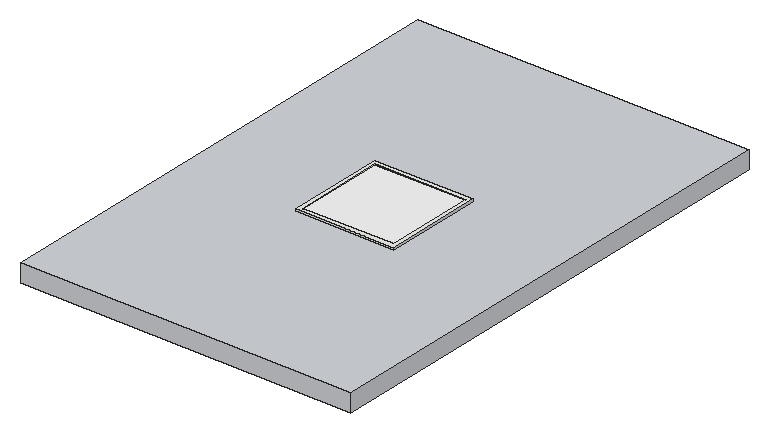
Revit family "FPL3-EQ0595NDWSxxxMPS0500", category Leuchten, Revit 2019
Family settings
  Basisbauteil = Fläche
  Bemaßung runder Anschluss = Durchmesser verwenden
  Teiletyp = Normal
  OmniClass-Nummer = 23.80.70.11
  OmniClass-Titel = Luminaries for Internal Lighting
  Beim Laden mit Abzugskörper schneiden = Nein
  Lichtquelle = Ja
  Gemeinsam genutzt = Nein
  Raumberechnungspunkt = Nein
Parameters (values of type "FPL3-EQ0595NDWS830840MPS0500")
  width = 595 mm
  weight = "4 kg"
  voltage type (AC, DC, UC) = "AC"
  suspension hight [instance] = 0 mm
  rated input power = 33
  product name = "FPL3-EQ0595NDWS830840MPS0500"
  nominal voltage = "230"
  nominal frequency = "50-60Hz"
  length = 595 mm
  ingress protection (IP) code = "IP20"
  height = 13 mm
  electrical safety class = "1"
  control gear = ""
  conformity mark = "CE"  # constant formula
  brand = "RIDI"
  approval mark = ""
  built-in parameter 1150104 = 13.8 (stored number, unit not read)
  Wattage = 27.0294 W
  Default Elevation = 0 mm
  Emit from Rectangle Length = 545 mm
  Emit from Rectangle Width = 545 mm
  built-in parameter 1150113 = 1 (stored number, unit not read)
  built-in parameter 1114218 = 1 (stored number, unit not read)
  URL = "www.ridi.de"
  built-in parameter 1150134 = 12
  built-in parameter 1150109 = 1 (stored number, unit not read)
  built-in parameter 1150110 = 1 (stored number, unit not read)
  Apparent Load = 33 VA
  Tilt Angle = 90.00°
  Modell = "0822993"
  built-in parameter 1114217 = 1 (stored number, unit not read)
  built-in parameter 1150139 = (empty or 0)
  built-in parameter 1150105 = 1949.3 (stored number, unit not read)
  built-in parameter 1150114 = 1 (stored number, unit not read)
  Lumens = 4015 lm
  built-in parameter 1150115 = 1 (stored number, unit not read)
  built-in parameter 1150112 = 1 (stored number, unit not read)
  Lampe = "LED"
  Hersteller = "RIDI Leuchten GmbH"  # constant formula
  Dimming Lamp Color Temperature Shift = (empty or 0)
  Color Filter = 16777215
  built-in parameter 1150133 = 10 (stored number, unit not read)
  Emit Shape Visible in Rendering = no
  built-in parameter 1150137 = (empty or 0)
  built-in parameter 1150132 = 2
  Datei für fotometrisches Netz = "FPL3-EQ.IES"
  Copyright = "© RIDI. All rights reserved."  # constant formula
  built-in parameter 1150106 = 19.493 (stored number, unit not read)
  Baugruppenkennzeichen = "D5020200"
  built-in parameter 1150107 = 4000 (stored number, unit not read)
  built-in parameter 1150102 = (empty or 0)
  built-in parameter 1150138 = (empty or 0)
Types (4, lengths in mm): name | product name | built-in parameter 1150134 | Modell | built-in parameter 1150107
  (no name) | "FPL3-EQ0595NDWS830840MPS0500" | 12 | "0822993" | 4000 (stored number, unit not read)
  FPL3-EQ0595NDWS830840MPS0500 | "FPL3-EQ0595NDWS830840MPS0500" | 12 | "0822993" | 4000 (stored number, unit not read)
  FPL3-EQ0595DAWS830840MPS0500 | "FPL3-EQ0595DAWS830840MPS0500" | 12 | "0832993" | 4000 (stored number, unit not read)
  FPL3-EQ0595DAWS8TWMPS0500 | "FPL3-EQ0595DAWS8TWMPS0500" | 1 | "0832995" | 6500 (stored number, unit not read)
Reference planes
  plane 1 "Mitte (Vorne/hinten)": y = 0
  plane 2: z = 0
  plane 3 "Mitte (Links/rechts)": x = 0
  plane 4: z = 0
Forms (mm)
  Extrusion 1, solid
    sketch origin (219.2, 280.8, 0) x (1, 0, 0) y (0, 1, 0)
      loop
        line (-1219.2, 1219.2) -> (-1219.2, -1780.8) -> (780.8, -1780.8) -> (780.8, 1219.2) -> (-1219.2, 1219.2)
    from 0 to -107.307
  Extrusion 2, solid
    sketch origin (0.233, 0, 0) x (1, 0, 0) y (0, 1, 0)
      loop
        circle (-0.341, -200) r 1.5
    from 1.31 to 0
  Extrusion 3, solid
    sketch origin (0, 0, 0) x (1, 0, 0) y (0, 1, 0)
      loop
        line (-297.5, 297.5) -> (-297.5, -297.5) -> (297.5, -297.5) -> (297.5, 297.5) -> (-297.5, 297.5)
    from 0 to 13
  Extrusion 4, void
    sketch origin (0, 0, 0) x (1, 0, 0) y (0, 1, 0)
      loop
        line (-272.5, 272.5) -> (-272.5, -272.5) -> (272.5, -272.5) -> (272.5, 272.5) -> (-272.5, 272.5)
    from 10 to 13
  Extrusion 5, solid
    sketch origin (0, 0, 0) x (1, 0, 0) y (0, 1, 0)
      loop
        circle (0, 252.5) r 2
      loop
        circle (0, -252.5) r 2
    from 0 to 1
Cuts and joins
  Extrusion 4 cuts Extrusion 3
Lines and regions (mm)
  reference lines
    curve 1: line (0, 802.513, 13) -> (0, -717.487, 13)
    curve 2: line (0, 791.999, 10) -> (0, 156.999, 10)
Dimensions and locks
  "suspension hight": plane 4 to Extrusion 1
  curve 1 to plane 4 = 13 mm
  curve 2 to curve 1 = 3 mm
  locked: cut or joined group of Extrusion 3, Extrusion 4 to Extrusion 2 at 8.69
  locked: cut or joined group of Extrusion 3, Extrusion 4 to Extrusion 5 sketch curve at 45  (x2)
  locked: curve 1 to Extrusion 5 sketch curve
  locked: Extrusion 5 sketch curve to curve 1 at 0
  locked: Extrusion 5 to cut or joined group of Extrusion 3, Extrusion 4 at 1
  locked: Extrusion 3 sketch curve to Extrusion 3 sketch curve at 595  (x2)
  locked: curve 1 to Extrusion 3 sketch curve at 297.5
  plane 1 "Mitte (Vorne/hinten)" to Extrusion 3 sketch curve = 297.5 mm
  Extrusion 4 sketch curve to cut or joined group of Extrusion 3, Extrusion 4 = 25 mm  (x2)
  cut or joined group of Extrusion 3, Extrusion 4 to Extrusion 4 sketch curve = 25 mm  (x2)
  locked: imposter light to Extrusion 2 sketch curve at 200
  aligned and locked: plane 2 to Extrusion 1
  aligned and locked: level to Extrusion 1
  aligned and locked: Extrusion 3 to Extrusion 4
  aligned and locked: cut or joined group of Extrusion 3, Extrusion 4 to plane 4
  aligned and locked: Extrusion 3 to curve 1
  aligned and locked: curve 2 to Extrusion 4
  aligned and locked: Extrusion 2 to plane 4
  aligned and locked: cut or joined group of Extrusion 3, Extrusion 4 to Extrusion 2
  aligned and locked: imposter light to cut or joined group of Extrusion 3, Extrusion 4
  aligned and locked: Extrusion 5 to Extrusion 1
Automatic sketch dimensions
  Extrusion 1 sketch curve to Extrusion 1 sketch curve = 2000 mm
  Extrusion 1 sketch curve to Extrusion 1 sketch curve = 3000 mm
  Extrusion 2 sketch curve to plane 3 "Mitte (Links/rechts)" = 0.107 mm
  plane 1 "Mitte (Vorne/hinten)" to curve 1 = 717.487 mm
  curve 2 to plane 1 "Mitte (Vorne/hinten)" = 156.999 mm
  curve 2 to curve 2 = 635 mm
  curve 2 to curve 1 = 10.515 mm
  radius of Extrusion 2 sketch curve = 1.5 mm
  radius of Extrusion 5 sketch curve = 2 mm  (x2)
Connectors
  electrical at (-0.107, -200, 0)
    settings: on Extrusion 2, index 1, voltage 230 V, apparent load 0 VA, apparent load phase1 33 VA, apparent load phase2 0 VA, apparent load phase3 0 VA, power factor 1, load classification "Lighting", number of poles 1, system type 31, power factor state 1, is connector primary yes, connector utility no, sub classification motor no, connector description ""
